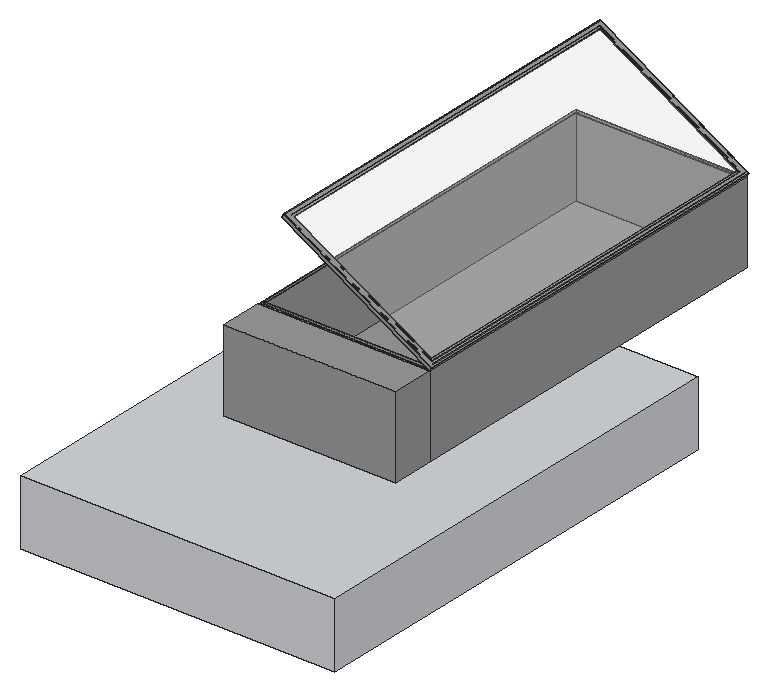
Revit family "Hager-Univers-IP55-D400-H2050-Cl.II-Steel_encl-NoHosted-CH-de", category Equipement électrique, Revit 2020
Family settings
  Hôte = Face
  Configuration du panneau = Deux colonnes, circuits au sein
  Cote de connecteur circulaire = Utiliser le diamètre
  Type d'élément = Tableau de raccordement
  Couper avec des vides une fois chargée = Non
  Partagée = Non
  Point de calcul de pièce = Non
Parameters (values of type "Bodenaufstellung IP55 B800 H2050 T400  - FR23U2")
  Width Control [instance] = if([EF000008 - Breite] > Min Width, [EF000008 - Breite], Min Width)  # 800 mm
  Commentaires du type = [HG000003 - Bereich]  # "Univers"
  Thickness Door [instance] = if([EF009171 - Materialstärke Tür/Deckel] > 3 mm, 3 mm, [EF009171 - Materialstärke Tür/Deckel])  # 1.5 mm
  Seal Frame Offset [instance] = 17 mm  # constant formula
  Plinth Visibility [instance] = [HG000027 - Sockelhöhe] > 0 mm  # yes
  Model = ""
  Min Width [instance] = 100 mm  # constant formula
  Min Height [instance] = 100 mm  # constant formula
  Min Depth [instance] = (2 * [EF009170 - Materialstärke Gehäuse]) + 1 mm  # 4 mm
  Internal Frame Depth [instance] = (Door System Depth * 0.5)  # 9 mm
  Height Control [instance] = if([EF000040 - Höhe] > Min Height, [EF000040 - Höhe], Min Height)  # 2050 mm
  HG000027 - Sockelhöhe = 200 mm
  HG000026 - Stehend auf dem Boden = yes
  HG000024 - Höhe des unteren Teils = 800 mm
  HG000023 - Gehäuse mit doppeltem Querschnitt = no
  HG000016 - 3D-Türsichtbarkeit [instance] = yes
  HG000015 - Sichtbarkeit der Türöffnung [instance] = no
  HG000014 - Tür rechts [instance] = yes
  HG000013 - Tür links [instance] = not([HG000014 - Tür rechts])  # no
  HG000012 - Türschwenkwinkel [instance] = 30.00°
  HG000010 - Asymmetrische Türen = no
  HG000009 - Doppelflügeligen Tür = no
  HG000006 - Unterputz = no
  HG000004 - Herstellerreferenz = "FR23U2"
  HG000003 - Bereich = "Univers"
  HG000002 - Mit tür = yes
  Frame Offset Bottom [instance] = 10 mm  # constant formula
  Frame Offset [instance] = 15 mm  # constant formula
  EF015940 - Deckel mit Überdruckentlastung = no
  EF011959 - Schutzart (NEMA) = ""
  EF009554 - Anzahl der Öffnungen für Flanschplatten = 6
  Fabricant = "Hager"  # constant formula
  EF009212 - Ausführung Deckel = "EV000116 - geschlossen"
  EF009171 - Materialstärke Tür/Deckel = 1.5 mm
  EF009170 - Materialstärke Gehäuse = 1.5 mm
  EF008873 - Nennstrom (In) = 800 A
  EF007800 - Geeignet für Blitzschutz = no
  EF006306 - Mit Schloss = no
  EF006244 - Transparenter Deckel/Tür = yes
  EF005474 - Schutzart (IP) = "EV006420 - IP55"
  EF004464 - Art der Tür = "EV002646 - Einzel"
  EF004427 - Anzahl der Module = 432
  EF004293 - Schlagfestigkeit = "EV008784 - IK10"
  EF003532 - Geeignet für Außengebrauch = no
  EF002950 - Breite in Teilungseinheiten = 24
  EF001613 - Funktionserhalt = "EV000494 - ohne"
  EF001596 - Werkstoff des Gehäuses = "EV000179 - Stahl"
  EF001131 - Innentiefe = 400 mm
  EF001088 - Anbaumöglichkeit = yes
  EF000437 - Anzahl der Leitungseinführungen = 6
  EF000339 - Art der Abdeckung = "EV004216 - Tür"
  EF000266 - Anzahl der Reihen = 12
  EF000218 - Einbautiefe = 0 mm
  EF000118 - Mit Montageplatte = no
  EF000116 - RAL-Nummer = "7035"
  EF000049 - Tiefe = 400 mm
  EF000040 - Höhe = 2050 mm
  EF000008 - Breite = 800 mm
  EF000007 - Farbe = "EV000270 - grau"
  EF000003 - Montageart = "EV012274 - Bodenaufstellung"
  Door System Leaf Tolerance [instance] = 1.5 mm  # constant formula
  Door System Depth [instance] = 18 mm  # constant formula
  Door Height [instance] = Height Control - [HG000027 - Sockelhöhe]  # 1850 mm
  Depth Control [instance] = if([EF000049 - Tiefe] > Min Depth, [EF000049 - Tiefe], Min Depth)  # 400 mm
  Default Elevation = 0 mm
  Connector Offset [instance] = Height Control / 2  # 1025 mm
  Bottom Top Plate Trim [instance] = 1.5 mm  # constant formula
  Plinth height Ctrl [instance] = if([HG000027 - Sockelhöhe] > 0 mm, [HG000027 - Sockelhöhe], 12 mm)  # 200 mm
Types (11, lengths in mm): name | Width Control | HG000010 - Asymmetrische Türen | HG000009 - Doppelflügeligen Tür | HG000004 - Herstellerreferenz | EF009554 - Anzahl der Öffnungen für Flanschplatten | EF006244 - Transparenter Deckel/Tür | EF004464 - Art der Tür | EF004427 - Anzahl der Module | EF000437 - Anzahl der Leitungseinführungen | EF000008 - Breite
  Bodenaufstellung IP55 B1050 H2050 T400  - FR24H2 | 1050 | yes | yes | "FR24H2" | 8 | no | "EV003602 - Doppel" | 576 | 8 | 1050
  Bodenaufstellung IP55 B1050 H2050 T400  - FR24U2 | 1050 | yes | yes | "FR24U2" | 8 | yes | "EV003602 - Doppel" | 576 | 8 | 1050
  Bodenaufstellung IP55 B1300 H2050 T400  - FR25H2 | 1300 | yes | yes | "FR25H2" | 10 | no | "EV003602 - Doppel" | 720 | 10 | 1300
  Bodenaufstellung IP55 B1300 H2050 T400  - FR25U2 | 1300 | yes | yes | "FR25U2" | 10 | yes | "EV003602 - Doppel" | 720 | 10 | 1300
  Bodenaufstellung IP55 B1550 H2050 T400  - FR26H2 | 1550 | yes | yes | "FR26H2" | 12 | no | "EV003602 - Doppel" | 864 | 12 | 1550
  Bodenaufstellung IP55 B1550 H2050 T400  - FR26U2 | 1550 | yes | yes | "FR26U2" | 12 | yes | "EV003602 - Doppel" | 864 | 12 | 1550
  Bodenaufstellung IP55 B300 H2050 T400  - FR21H2 | 300 | no | no | "FR21H2" | 2 | no | "EV002646 - Einzel" | 144 | 2 | 300
  Bodenaufstellung IP55 B550 H2050 T400  - FR22H2 | 550 | no | no | "FR22H2" | 4 | no | "EV002646 - Einzel" | 288 | 4 | 550
  Bodenaufstellung IP55 B550 H2050 T400  - FR22U2 | 550 | no | no | "FR22U2" | 4 | yes | "EV002646 - Einzel" | 288 | 4 | 550
  Bodenaufstellung IP55 B800 H2050 T400  - FR23H2 | 800 | no | no | "FR23H2" | 6 | no | "EV002646 - Einzel" | 432 | 6 | 800
  Bodenaufstellung IP55 B800 H2050 T400  - FR23U2 | 800 | no | no | "FR23U2" | 6 | yes | "EV002646 - Einzel" | 432 | 6 | 800
Reference planes
  plane 1 "Center (Front/Back)": y = 0
  plane 2: z = 0
  plane 3 "Center (Left/Right)": x = 0
  plane 4: z = 400
  plane 5: y = 201.5
  plane 6: y = 1125
  plane 7: y = 200
  plane 8: y = 2050
  plane 9: z = 0
  plane 10: x = -385
  plane 11: x = 385
  plane 12: x = 383.5
  plane 13: x = -383.5
  plane 14: y = 2048.5
  plane 15: x = -383
  plane 16: x = -400
  plane 17: x = 383
  plane 18: x = 400
  plane 19: x = 398.5
  plane 20: x = -398.5
  plane 21: y = 211.5
  plane 22: y = 2050
  plane 23: y = 2033.5
  plane 24: z = 382
  plane 25: z = 1.5
  plane 26: z = 380.5
  plane 27: z = 398.5
Forms (mm)
  Extrusion 1, solid
    sketch origin (0, 0, 0) x (1, 0, 0) y (0, 1, 0)
      loop
        line (-702.964, 1305) -> (-702.964, -811.445) -> (766.763, -811.445) -> (766.763, 1305) -> (-702.964, 1305)
    from 0 to -304.8
  Extrusion 2, solid, material "Hager_Steel_RAL7035_Light_Grey", visible <- "Plinth Visibility", detail levels medium+fine
    sketch origin (0, 0, 0) x (1, 0, 0) y (0, 1, 0)
      loop
        line (-400, 0) -> (400, 0) -> (400, 200) -> (-400, 200) -> (-400, 0)
    from 0 to 382
  Extrusion 3, solid, material "Hager_Steel_RAL7035_Light_Grey", detail levels medium+fine
    sketch origin (0, 0, 0) x (1, 0, 0) y (0, 1, 0)
      loop
        line (-400, 200) -> (400, 200) -> (400, 2050) -> (-400, 2050) -> (-400, 200)
    from 0 to 382
  Extrusion 4, void
    sketch origin (0, 0, 0) x (1, 0, 0) y (0, 1, 0)
      loop
        line (-398.5, 201.5) -> (398.5, 201.5) -> (398.5, 2048.5) -> (-398.5, 2048.5) -> (-398.5, 201.5)
    from 1.5 to 380.5
  Extrusion 5, void
    sketch origin (-381.607, -4572, 382) x (0, -1, 0) y (-1, 0, 0)
      loop
        line (-4783.5, 1.893) -> (-6605.5, 1.893) -> (-6605.5, -765.107) -> (-4783.5, -765.107) -> (-4783.5, 1.893)
    from 0 to 1.5 <- "EF009170 - Materialstärke Gehäuse"
  Extrusion 6, solid, material "Hager_Steel_RAL7035_Light_Grey", detail levels fine
    sketch origin (0, 0, 382) x (1, 0, 0) y (0, 1, 0)
      loop
        line (-383.5, 2033.5) -> (-383.5, 211.5) -> (383.5, 211.5) -> (383.5, 2033.5) -> (-383.5, 2033.5)
      loop
        line (-385, 210) -> (385, 210) -> (385, 2035) -> (-385, 2035) -> (-385, 210)
    from 0 to 9 <- "Internal Frame Depth"
  Extrusion 7, solid, material "Hager_Steel_RAL7035_Light_Grey", detail levels coarse
    sketch origin (0, 0, 0) x (1, 0, 0) y (0, 1, 0)
      loop
        line (-400, 0) -> (400, 0) -> (400, 2050) -> (-400, 2050) -> (-400, 0)
    from 0 to 400
  Sweep 8, void
    path in 3D
      loop
        line (-400, 200, 0) -> (400, 200, 0) -> (400, 200, 382) -> (-400, 200, 382) -> (-400, 200, 0)
    profile origin (-400, 200, 191) x (-1, 0, 0) y (0, -1, 0)
      loop
        line (0, 0) -> (0, 1.5) -> (-1.5, 1.5)
        arc (-1.5, 1.5) -> (-1.061, 0.439) -> (0, 0) r 1.5
Cuts and joins
  Extrusion 4, Extrusion 5 cuts Extrusion 3
  Sweep 8 cuts Extrusion 2
Lines and regions (mm)
  Masking region 1
    outline origin (0, 0, 0) x (1, 0, 0) y (0, 0, 1)
      loop
        line (-400, 400) -> (-400, 0) -> (400, 0) -> (400, 400) -> (-400, 400)
  Masking region 2, detail levels medium+fine
    outline origin (0, 140, 0) x (0, 1, 0) y (0, 0, 1)
      loop
        line (60, 0) -> (1910, 0) -> (1910, 382) -> (60, 382) -> (60, 0)
  Masking region 3, not visible, detail levels medium+fine
    outline origin (0, 297.922, 0) x (0, 1, 0) y (0, 0, 1)
      loop
        line (838.578, 0) -> (878.578, 0) -> (878.578, 388.5)
        arc (878.578, 388.5) -> (875.649, 395.571) -> (868.578, 398.5) r 10
        line (868.578, 398.5) -> (838.578, 398.5) -> (838.578, 0)
  Masking region 4, detail levels coarse
    outline origin (0, 0, 180) x (0, 1, 0) y (0, 0, 1)
      loop
        line (0, -180) -> (2050, -180) -> (2050, 220) -> (0, 220) -> (0, -180)
  Masking region 5, visible <- "Plinth Visibility", detail levels medium+fine
    outline origin (0, 52.24, 12.345) x (0, 0, -1) y (0, 1, 0)
      loop
        line (10.845, 147.76) -> (-368.155, 147.76)
        arc (-368.155, 147.76) -> (-368.594, 146.699) -> (-369.655, 146.26) r 1.5
        line (-369.655, 146.26) -> (-369.655, -52.24) -> (12.345, -52.24) -> (12.345, 146.26)
        arc (12.345, 146.26) -> (11.285, 146.699) -> (10.845, 147.76) r 1.5
  Masking region 6, detail levels medium+fine
    outline origin (-381.607, -4572, 382) x (-1, 0, 0) y (0, -1, 0)
      loop
        line (18.393, -6622) -> (18.393, -4772) -> (-781.607, -4772) -> (-781.607, -6622) -> (18.393, -6622)
  Masking region 7, visible <- "Plinth Visibility", detail levels medium+fine
    outline origin (-381.607, -4727, 382) x (-1, 0, 0) y (0, -1, 0)
      loop
        arc (16.893, -4927) -> (17.332, -4925.939) -> (18.393, -4925.5) r 1.5
        line (18.393, -4925.5) -> (18.393, -4727) -> (-781.607, -4727) -> (-781.607, -4925.5)
        arc (-781.607, -4925.5) -> (-780.546, -4925.939) -> (-780.107, -4927) r 1.5
        line (-780.107, -4927) -> (16.893, -4927)
  Masking region 8, detail levels coarse
    outline origin (-442.548, -4669.526, 382) x (-1, 0, 0) y (0, -1, 0)
      loop
        line (-42.548, -6719.526) -> (-42.548, -4669.526) -> (-842.548, -4669.526) -> (-842.548, -6719.526) -> (-42.548, -6719.526)
  sketch lines
    curve 1: line (-400, 200, 382) -> (-400, 200, 0)
    curve 2: line (400, 200, 382) -> (-400, 200, 382)
    curve 3: line (400, 200, 382) -> (400, 200, 0)
    curve 4: line (-400, 200, 0) -> (400, 200, 0)
Dimensions and locks
  "Depth Control": plane 4 to Extrusion 1
  "HG000027 - Sockelhöhe": plane 1 "Center (Front/Back)" to plane 7
  "EF009170 - Materialstärke Gehäuse": plane 5 to plane 7
  locked: connector elem to plane 3 "Center (Left/Right)"
  equal spacing: plane 8, plane 6, plane 7
  locked: connector elem to plane 6
  "EF009170 - Materialstärke Gehäuse": plane 8 to plane 14
  "EF009170 - Materialstärke Gehäuse": plane 10 to plane 13
  "EF009170 - Materialstärke Gehäuse": plane 12 to plane 11
  "Frame Offset": plane 20 to plane 13
  "Frame Offset": plane 12 to plane 19
  "EF009170 - Materialstärke Gehäuse": plane 16 to plane 20
  "EF009170 - Materialstärke Gehäuse": plane 19 to plane 18
  "Seal Frame Offset": plane 16 to plane 15
  "Seal Frame Offset": plane 17 to plane 18
  "Frame Offset Bottom": plane 21 to plane 5
  "Frame Offset": plane 14 to plane 23
  equal spacing: plane 16, plane 3 "Center (Left/Right)", plane 18
  "Width Control": plane 16 to plane 18
  "EF009170 - Materialstärke Gehäuse": plane 4 to plane 27
  "EF009170 - Materialstärke Gehäuse": plane 24 to plane 26
  "EF009170 - Materialstärke Gehäuse": plane 25 to level
  "Door System Depth": plane 4 to plane 24
  "Height Control": plane 1 "Center (Front/Back)" to Extrusion 7 sketch curve
  "Height Control": Masking region 4 sketch curve to plane 1 "Center (Front/Back)"
  "Height Control": plane 1 "Center (Front/Back)" to plane 22
  "Bottom Top Plate Trim": profile plane to Sweep 8 sketch curve
  "Bottom Top Plate Trim": Sweep 8 sketch curve to profile plane
  "Plinth height Ctrl": plane 1 "Center (Front/Back)" to Extrusion 2 sketch curve
  "Plinth height Ctrl": Masking region 5 sketch curve to plane 1 "Center (Front/Back)"
  "Plinth height Ctrl": plane 1 "Center (Front/Back)" to Masking region 7 sketch curve
  "Thickness Door": Extrusion 6 sketch curve to Extrusion 6 sketch curve  (x3)
  "Thickness Door": cut or joined group of Extrusion 3, Extrusion 4, Extrusion 5 to Extrusion 6 sketch curve
  radius of Masking region 3 sketch curve = 10 mm
  "Bottom Top Plate Trim": radius of Masking region 5 sketch curve  (x2)
  "Bottom Top Plate Trim": radius of Sweep 8 sketch curve
  "Bottom Top Plate Trim": radius of Masking region 7 sketch curve  (x2)
  aligned and locked: plane 2 to Extrusion 1
  aligned and locked: level to Extrusion 1
  aligned and locked: level to Masking region 1 sketch curve
  aligned and locked: Masking region 1 sketch curve to plane 18
  aligned and locked: Masking region 1 sketch curve to plane 16
  aligned and locked: plane 7 to Masking region 2 sketch curve
  aligned and locked: level to Masking region 3 sketch curve
  aligned and locked: Masking region 3 sketch curve to plane 27
  aligned and locked: level to Masking region 2 sketch curve
  aligned and locked: plane 1 "Center (Front/Back)" to Extrusion 2 sketch curve
  aligned and locked: Extrusion 3 sketch curve to plane 7
  aligned and locked: plane 16 to Extrusion 3 sketch curve
  aligned and locked: plane 18 to Extrusion 3 sketch curve
  aligned and locked: plane 20 to Extrusion 4 sketch curve
  aligned and locked: plane 19 to Extrusion 4 sketch curve
  aligned and locked: Extrusion 4 sketch curve to plane 5
  aligned and locked: Extrusion 4 to plane 25
  aligned and locked: plane 26 to Extrusion 4
  aligned and locked: plane 24 to Extrusion 3
  aligned and locked: Extrusion 5 sketch curve to plane 21
  aligned and locked: Extrusion 5 sketch curve to plane 13
  aligned and locked: Extrusion 5 sketch curve to plane 12
  aligned and locked: plane 18 to Extrusion 7 sketch curve
  aligned and locked: plane 1 "Center (Front/Back)" to Extrusion 7 sketch curve
  aligned and locked: plane 16 to Extrusion 7 sketch curve
  aligned and locked: plane 4 to Extrusion 7
  aligned and locked: Extrusion 7 to level
  aligned and locked: level to Masking region 4 sketch curve
  aligned and locked: Masking region 4 sketch curve to plane 1 "Center (Front/Back)"
  aligned and locked: Masking region 4 sketch curve to plane 4
  aligned and locked: nested 1 to level
  aligned and locked: nested 1 to plane 16
  aligned and locked: plane 8 to Extrusion 3 sketch curve
  aligned and locked: plane 23 to Extrusion 5 sketch curve
  aligned and locked: plane 14 to Extrusion 4 sketch curve
  aligned and locked: Masking region 2 sketch curve to plane 8
  aligned and locked: level to Masking region 5 sketch curve
  aligned and locked: plane 16 to Extrusion 2 sketch curve
  aligned and locked: plane 18 to Extrusion 2 sketch curve
  aligned and locked: Masking region 5 sketch curve to plane 24
  aligned and locked: Masking region 2 sketch curve to plane 24
  aligned and locked: plane 24 to Extrusion 2
  aligned and locked: profile plane to Sweep 8 sketch curve  (x2)
  aligned and locked: Masking region 6 sketch curve to plane 18
  aligned and locked: Masking region 6 sketch curve to plane 22
  aligned and locked: Masking region 6 sketch curve to plane 16
  aligned and locked: plane 8 to plane 22
  aligned and locked: Masking region 6 sketch curve to plane 7
  aligned and locked: Masking region 7 sketch curve to plane 16
  aligned and locked: Masking region 7 sketch curve to plane 1 "Center (Front/Back)"
  aligned and locked: Masking region 7 sketch curve to plane 18
  aligned and locked: Masking region 8 sketch curve to plane 1 "Center (Front/Back)"
  aligned and locked: Masking region 8 sketch curve to plane 18
  aligned and locked: Masking region 8 sketch curve to plane 22
  aligned and locked: Masking region 8 sketch curve to plane 16
  aligned and locked: nested 2 to plane 7
  aligned and locked: plane 3 "Center (Left/Right)" to nested 2
  aligned and locked: nested 2 to plane 24
  aligned and locked: Extrusion 6 sketch curve to cut or joined group of Extrusion 3, Extrusion 4, Extrusion 5  (x4)
Automatic sketch dimensions
  Extrusion 1 sketch curve to Extrusion 1 sketch curve = 1469.727 mm
  Extrusion 1 sketch curve to Extrusion 1 sketch curve = 2116.445 mm
  Masking region 1 sketch curve to plane 4 = 0 mm
  plane 6 to Masking region 3 sketch curve = 11.5 mm
  Masking region 3 sketch curve to Masking region 3 sketch curve = 30 mm
  Masking region 5 sketch curve to plane 1 "Center (Front/Back)" = 0 mm
Nested families
  nested 1: "Hager_Enclosure_Symbol" at (-400, 0, 0) x (1, 0, 0) z (0, -1, 0), Height <- "Depth Control", Width <- "Width Control", type "Hager_Enclosure_Symbol"
    with Width_Ctrl 800 mm, Width 800 mm, Height_Ctrl 400 mm, Height 400 mm, A_Width_Int 26.25 mm, A_Width 315 mm, A_Height_Ctrl 350 mm, A_Height 350 mm
  nested 2: "EC000058_Univers_Door" at (0, 200, 382) x (1, 0, 0) z (0, 1, 0), Leaf_Tolerance <- "Door System Leaf Tolerance", Angle <- "HG000012 - Türschwenkwinkel", Door_Depth <- "Door System Depth", Door_Left <- "HG000013 - Tür links", Transparent <- "EF006244 - Transparenter Deckel/Tür", Assymetrical <- "HG000010 - Asymmetrische Türen", Width <- "Width Control", Clearance <- "HG000015 - Sichtbarkeit der Türöffnung", Double <- "HG000009 - Doppelflügeligen Tür", 3d_Door <- "HG000016 - 3D-Türsichtbarkeit", Lock_Visibility <- "EF006306 - Mit Schloss", Width_Ctrl <- "Width Control", Door_Right <- "HG000014 - Tür rechts", Door <- "HG000002 - Mit tür", Height <- "Door Height", Thickness <- "Thickness Door", type "EC000058_Univers_Door", detail levels medium+fine
    with min_wh 4 mm, Width_Ctrl 800 mm, Width 800 mm, Transparent yes, Thickness 1.5 mm, Seal_Material Hager_Rubber, Lock_Visibility no, Lock_Material Hager_Plastic_RAL9005_Jet_Black, Leaf_Width 800 mm, Leaf_Tolerance_External_Sides 0 mm, Leaf_Tolerance 1.5 mm, Leaf_Offset 0 mm, Leaf_Height 1847 mm, Leaf_2_Width 800 mm, Leaf_2_Offset 400 mm, Leaf_1_Width 800 mm, Leaf_1_Offset 400 mm, Height_Ctrl 1850 mm, Height 1850 mm, Glass_Material Hager_Glass, Double_Clearance_Ctrl no, Double no, Door_Right_Ctrl yes, Door_Right yes, Door_Material Hager_Steel_RAL7035_Light_Grey, Door_Left_Ctrl no, Door_Left no, Door_Depth 18 mm, Door yes, Clearance_Material Hager_Clearance, Clearance_Depth 800 mm, Clearance_Ctrl no, Clearance no, Assymetrical no, Angle 30.00°, 3d_Door yes
Connectors
  electrical at (0, 1125, 0)
    settings: on plane 9, index 1, voltage 0 V, apparent load 0 VA, apparent load phase1 0 VA, apparent load phase2 0 VA, apparent load phase3 0 VA, power factor 1, load classification "Other", number of poles 1, system type 30, power factor state 1, is connector primary yes, connector utility no, sub classification motor no, connector description ""
Definition of nested family "EC000058_Univers_Door"
  Parameters (values of type "EC000058_Univers_Door")
    min_wh [instance] = (2 * Thickness) + 1 mm  # 11 mm
    Width_Ctrl [instance] = 400 mm
    Width [instance] = 500 mm
    Transparent [instance] = yes
    Thickness [instance] = 5 mm
    Seal_Material [instance] = none
    Lock_Visibility [instance] = yes
    Lock_Material [instance] = none
    Leaf_Width [instance] = if((Width_Ctrl - 2 * Leaf_Tolerance_External_Sides) > 0 mm, (Width_Ctrl - 2 * Leaf_Tolerance_External_Sides), min_wh)  # 400 mm
    Leaf_Tolerance_External_Sides [instance] = 0 mm  # constant formula
    Leaf_Tolerance [instance] = 1.5 mm
    Leaf_Offset [instance] = 0 mm  # constant formula
    Leaf_Height [instance] = if((Height_Ctrl - 2 * Leaf_Tolerance) > 0 mm, (Height_Ctrl - 2 * Leaf_Tolerance), min_wh)  # 497 mm
    Leaf_2_Width [instance] = if(and(and(Double, Assymetrical), Door_Left), (Leaf_Width / 3) - (Leaf_Tolerance / 2), if(and(and(Double, Assymetrical), Door_Right), (Leaf_Width / 3) * 2 - (Leaf_Tolerance / 2), if(and(Double, not(Assymetrical)), (Leaf_Width / 2) - Leaf_Tolerance, Leaf_Width)))  # 400 mm
    Leaf_2_Offset [instance] = if(and(Double, Assymetrical), Leaf_2_Width / 2, if(and(Double, not(Assymetrical)), Leaf_Width / 4, Leaf_Width / 2))  # 200 mm
    Leaf_1_Width [instance] = if(and(and(Double, Assymetrical), Door_Right), (Leaf_Width / 3) - (Leaf_Tolerance / 2), if(and(and(Double, Assymetrical), Door_Left), (Width / 3) * 2 - (Leaf_Tolerance / 2), if(and(Double, not(Assymetrical)), (Leaf_Width / 2) - Leaf_Tolerance, Leaf_Width)))  # 400 mm
    Leaf_1_Offset [instance] = if(and(Double, Assymetrical), Leaf_1_Width / 2, if(and(Double, not(Assymetrical)), Leaf_Width / 4, Leaf_Width / 2))  # 200 mm
    Height_Ctrl [instance] = if(Height > min_wh, Height, min_wh)  # 500 mm
    Height [instance] = 500 mm
    Glass_Material [instance] = none
    Double_Clearance_Ctrl [instance] = and(Double, Clearance)  # no
    Double [instance] = no
    Door_Right_Ctrl [instance] = and(or(Door_Right, Double), Door)  # yes
    Door_Right [instance] = yes
    Door_Material [instance] = none
    Door_Left_Ctrl [instance] = and(or(Door_Left, Double), Door)  # no
    Door_Left [instance] = no
    Door_Depth [instance] = 30 mm
    Door [instance] = yes
    Default Elevation = 1219.2 mm
    Clearance_Material [instance] = none
    Clearance_Depth [instance] = if(Leaf_1_Width > Leaf_2_Width, Leaf_1_Width, Leaf_2_Width)  # 400 mm
    Clearance_Ctrl [instance] = and(not(Double), Clearance)  # yes
    Clearance [instance] = yes
    Assymetrical [instance] = yes
    Angle [instance] = 30.00°
    3d_Door [instance] = yes
  Reference planes
    plane 1 "Center (Front/Back)": y = 0
    plane 2 "Bottom": z = 0
    plane 3 "Center (Left/Right)": x = 0
    plane 4: z = 500
    plane 5: x = -200
    plane 6: x = 200
    plane 7: z = 500
    plane 8: x = -200
    plane 9: z = 0
    plane 10: x = 200
    plane 11: y = 0
    plane 12: z = 1.5
    plane 13: x = -600
    plane 14: y = -400
    plane 15: x = 600
    plane 16: x = 0
    plane 17: x = 0
    plane 18: x = -200
    plane 19: x = 200
    plane 20: z = 498.5
  Forms (mm)
    Extrusion 1, solid, material <- "Clearance_Material", visible <- "Double_Clearance_Ctrl"
      sketch origin (1200, 0, 0) x (1, 0, 0) y (0, 0, -1)
        loop
          line (-1800, -498.5) -> (-600, -498.5) -> (-600, 0) -> (-1800, 0) -> (-1800, -498.5)
      from 0 to -400
  Dimensions and locks
    equal spacing: plane 5, plane 3 "Center (Left/Right)", plane 6
    "Width_Ctrl": plane 5 to plane 6
    "Leaf_Offset": plane 5 to plane 8
    "Leaf_Offset": plane 6 to plane 10
    "Leaf_Offset": plane 9 to level
    "Leaf_Offset": plane 4 to plane 7
    "Height_Ctrl": plane 4 to level
    "Leaf_Tolerance": plane 12 to plane 9
    locked: plane 11 to plane 1 "Center (Front/Back)"
    "Leaf_1_Offset": plane 18 to plane 16
    "Leaf_2_Offset": plane 17 to plane 19
    "Leaf_1_Width": plane 13 to plane 8
    "Leaf_2_Width": plane 10 to plane 15
    "Clearance_Depth": plane 14 to plane 1 "Center (Front/Back)"
    "Leaf_Tolerance_External_Sides": plane 8 to plane 18
    "Leaf_Tolerance_External_Sides": plane 19 to plane 10
    "Leaf_Tolerance": plane 7 to plane 20
    aligned and locked: level to plane 2 "Bottom"
    aligned and locked: nested 1 to plane 16
    aligned and locked: nested 2 to plane 17
    aligned and locked: Extrusion 1 to plane 13
    aligned and locked: plane 15 to Extrusion 1
    aligned and locked: Extrusion 1 to plane 14
    aligned and locked: plane 12 to nested 1
    aligned and locked: nested 2 to plane 12
    aligned and locked: Extrusion 1 to plane 11
    aligned and locked: plane 20 to Extrusion 1
    aligned and locked: nested 2 to plane 11
    aligned and locked: nested 1 to plane 11
  Automatic sketch dimensions
    Extrusion 1 sketch curve to level = 0 mm
    plane 5 to Extrusion 1 sketch curve = 400 mm
    plane 6 to Extrusion 1 sketch curve = 400 mm
    Extrusion 1 sketch curve to plane 4 = 1.5 mm
  Nested families
    nested 1: "EC000058_Univers_Door_Leaf" at (0, 0, 1.5), Width <- "Leaf_1_Width", visible <- "Door_Left_Ctrl", Leaf_Height <- "Leaf_Height", Angle <- "Angle", 3d_Door <- "3d_Door", Transparent <- "Transparent", Clearance Material <- "Clearance_Material", Clearance <- "Clearance_Ctrl", Door_Material <- "Door_Material", Glass_Material <- "Glass_Material", Door_Depth <- "Door_Depth", Lock_Material <- "Lock_Material", Seal_Material <- "Seal_Material", Lock_Visibility <- "Lock_Visibility", Thickness <- "Thickness", type "EC000058_Univers_Door_Leaf"
      with Width 400 mm, Transparent_Glass_Offset 30 mm, Transparent_Ctrl yes, Transparent yes, Thickness 5 mm, Standard no, Seal_Material none, Seal_D2 8 mm, Seal_D1 1 mm, Offset_Internal_Frame 10 mm, Lock_Width 20 mm, Lock_Visibility_3d yes, Lock_Visibility yes, Lock_Thickness_3 3 mm, Lock_Thickness_2 1 mm, Lock_Thickness_1 3 mm, Lock_Radius_Offset_2 16 mm, Lock_Radius_Offset_1 15 mm, Lock_Radius_2 5 mm, Lock_Radius 6 mm, Lock_Offset 5 mm, Lock_Material none, Lock_Height 80 mm, Lock_Cover_Top_Offset_2d 17 mm, Lock_Cover_Height -65 mm, Leaf_Height 497 mm, Internal_Seal_Thickness 8 mm, Internal_Seal_Depth_2 4.5 mm, Internal_Frame_Depth 25 mm, Glass_Thickness -1 mm, Glass_Offset -2 mm, Glass_Material none, Door_Material none, Door_Depth 30 mm, Clearance Material none, Clearance yes, Angle_Ctrl 30.00°, Angle 30.00°, 3d_Door yes
    nested 2: "EC000058_Univers_Door_Leaf" at (0, 0, 1.5) x (-1, 0, 0) z (0, 0, 1), Width <- "Leaf_2_Width", visible <- "Door_Right_Ctrl", Leaf_Height <- "Leaf_Height", Angle <- "Angle", 3d_Door <- "3d_Door", Transparent <- "Transparent", Clearance Material <- "Clearance_Material", Clearance <- "Clearance_Ctrl", Door_Material <- "Door_Material", Glass_Material <- "Glass_Material", Door_Depth <- "Door_Depth", Lock_Material <- "Lock_Material", Seal_Material <- "Seal_Material", Lock_Visibility <- "Lock_Visibility", Thickness <- "Thickness", type "EC000058_Univers_Door_Leaf"
      with Width 400 mm, Transparent_Glass_Offset 30 mm, Transparent_Ctrl yes, Transparent yes, Thickness 5 mm, Standard no, Seal_Material none, Seal_D2 8 mm, Seal_D1 1 mm, Offset_Internal_Frame 10 mm, Lock_Width 20 mm, Lock_Visibility_3d yes, Lock_Visibility yes, Lock_Thickness_3 3 mm, Lock_Thickness_2 1 mm, Lock_Thickness_1 3 mm, Lock_Radius_Offset_2 16 mm, Lock_Radius_Offset_1 15 mm, Lock_Radius_2 5 mm, Lock_Radius 6 mm, Lock_Offset 5 mm, Lock_Material none, Lock_Height 80 mm, Lock_Cover_Top_Offset_2d 17 mm, Lock_Cover_Height -65 mm, Leaf_Height 497 mm, Internal_Seal_Thickness 8 mm, Internal_Seal_Depth_2 4.5 mm, Internal_Frame_Depth 25 mm, Glass_Thickness -1 mm, Glass_Offset -2 mm, Glass_Material none, Door_Material none, Door_Depth 30 mm, Clearance Material none, Clearance yes, Angle_Ctrl 30.00°, Angle 30.00°, 3d_Door yes
  Definition of nested family "EC000058_Univers_Door_Leaf"
    Parameters (values of type "EC000058_Univers_Door_Leaf")
      Width [instance] = 2000 mm
      Transparent_Glass_Offset [instance] = 30 mm
      Transparent_Ctrl [instance] = and(Transparent, [3d_Door])  # yes
      Transparent [instance] = yes
      Thickness [instance] = 5 mm
      Standard [instance] = and(not(Transparent), [3d_Door])  # no
      Seal_Material [instance] = none
      Seal_D2 [instance] = 8 mm  # constant formula
      Seal_D1 [instance] = 1 mm  # constant formula
      Offset_Internal_Frame [instance] = 10 mm  # constant formula
      Lock_Width [instance] = 20 mm  # constant formula
      Lock_Visibility_3d [instance] = and(Lock_Visibility, [3d_Door])  # yes
      Lock_Visibility [instance] = yes
      Lock_Thickness_3 [instance] = 3 mm  # constant formula
      Lock_Thickness_2 [instance] = 1 mm  # constant formula
      Lock_Thickness_1 [instance] = 3 mm  # constant formula
      Lock_Radius_Offset_2 [instance] = Lock_Radius_Offset_1 + 1 mm  # 16 mm
      Lock_Radius_Offset_1 [instance] = 15 mm  # constant formula
      Lock_Radius_2 [instance] = Lock_Radius - 1 mm  # 5 mm
      Lock_Radius [instance] = 6 mm  # constant formula
      Lock_Offset [instance] = 5 mm  # constant formula
      Lock_Material [instance] = none
      Lock_Height [instance] = 80 mm  # constant formula
      Lock_Cover_Top_Offset_2d [instance] = Lock_Radius_Offset_2 + 1 mm  # 17 mm
      Lock_Cover_Height [instance] = -(Lock_Height - Lock_Radius_Offset_1)  # -65 mm
      Leaf_Height [instance] = 2720.336 mm
      Internal_Seal_Thickness [instance] = 8 mm  # constant formula
      Internal_Seal_Depth_2 [instance] = 4.5 mm  # constant formula
      Internal_Frame_Depth [instance] = if(Door_Depth - Thickness > 5 mm, Door_Depth - Thickness, 5 mm)  # 25 mm
      Glass_Thickness [instance] = if(Thickness > 15 mm, Glass_Offset + 10 mm, -1 mm)  # -1 mm
      Glass_Offset [instance] = if(Thickness > 15 mm, -(Thickness + 10 mm) / 2, -2 mm)  # -2 mm
      Glass_Material [instance] = none
      Door_Material [instance] = none
      Door_Depth [instance] = 30 mm
      Default Elevation = 0 mm
      Clearance Material [instance] = none
      Clearance [instance] = yes
      Angle_Ctrl [instance] = if(Angle > 180.00°, 180.00°, Angle)  # 90.00°
      Angle [instance] = 90.00°
      3d_Door [instance] = yes
    Reference planes
      plane 1 "Center (Front/Back)": y = 0
      plane 2: z = 0
      plane 3 "Center (Left/Right)": x = 0
      plane 4: y = 2000
      plane 5: x = -1000
      plane 6: x = 1000
      plane 7: x = -3000
      plane 8: z = 2720.336
      plane 9: z = 30
      plane 10: z = 2690.336
      plane 11: x = 970
      plane 12: x = -970
      plane 13: y = -3
      plane 14: z = 107.833
      plane 15: y = -5
      plane 16: y = -223.314
      plane 17: x = -1000
      plane 18: z = 1360.168
      plane 19: y = 30
    Forms (mm)
      Extrusion 1, solid, material <- "Clearance Material", visible <- "Clearance"
        sketch origin (0, 0, 0) x (1, 0, 0) y (0, 0, 1)
          loop
            line (-3000, 2720.336) -> (-3000, 0) -> (1000, 0) -> (1000, 2720.336) -> (-3000, 2720.336)
        from 0 to -2000
      Extrusion 2, solid, material <- "Door_Material", visible <- "Standard", detail levels medium+fine
        sketch origin (-1000, 0, 0) x (0, 1, 0) y (-1, 0, 0)
          loop
            line (0, 30) -> (0, 25) -> (2000, 25) -> (2000, 30) -> (0, 30)
        from 0 to 2720.336 <- "Leaf_Height"
      Extrusion 3, solid, material <- "Door_Material", visible <- "Transparent_Ctrl", detail levels medium+fine
        sketch origin (-1000, 0, 0) x (0, 1, 0) y (-1, 0, 0)
          loop
            line (0, 25) -> (2000, 25) -> (2000, 30) -> (0, 30) -> (0, 25)
        from 0 to 2720.336 <- "Leaf_Height"
      Extrusion 4, void
        sketch origin (-1025, 2000, 0) x (0, 1, 0) y (0, 0, -1)
          loop
            line (-30, -2690.336) -> (-30, -30) -> (-1970, -30) -> (-1970, -2690.336) -> (-30, -2690.336)
        from 0 to 5 <- "Thickness"
      Sweep 5, solid, material <- "Seal_Material", visible <- "Transparent_Ctrl", detail levels fine
        path in 3D
          loop
            line (-1025, 30, 30) -> (-1025, 30, 2690.336) -> (-1025, 1970, 2690.336) -> (-1025, 1970, 30) -> (-1025, 30, 30)
        profile origin (-1025, 1000, 30) x (1, 0, 0) y (0, 0, 1)
          loop
            line (0, 0) -> (0, -8) -> (1, -8) -> (1, 0) -> (0, 0)
      Extrusion 6, solid, material <- "Glass_Material", visible <- "Transparent_Ctrl", detail levels medium+fine
        sketch origin (-1030, 0, 0) x (0, 1, 0) y (0, 0, -1)
          loop
            line (1970, -2690.336) -> (1970, -30) -> (30, -30) -> (30, -2690.336) -> (1970, -2690.336)
        from -2 <- "Glass_Offset" to -1 <- "Glass_Thickness"
      Extrusion 7, solid, material <- "Door_Material", visible <- "3d_Door", detail levels medium+fine
        sketch origin (-1025, 2000, 0) x (0, -1, 0) y (0, 0, -1)
          loop
            line (0, -2720.336) -> (2000, -2720.336) -> (2000, 0) -> (0, 0) -> (0, -2720.336)
          loop
            line (1995, -5) -> (5, -5) -> (5, -2715.336) -> (1995, -2715.336) -> (1995, -5)
        from 0 to 25 <- "Internal_Frame_Depth"
      Sweep 8, solid, material <- "Seal_Material", visible <- "Transparent_Ctrl", detail levels fine
        path in 3D
          loop
            line (-1025, 0, 0) -> (-1025, 2000, 0) -> (-1025, 2000, 2720.336) -> (-1025, 0, 2720.336) -> (-1025, 0, 0)
        profile origin (-1025, 0, 1360.168) x (1, 0, 0) y (0, 1, 0)
          loop
            line (0, 10) -> (2.975, 10)
            arc (2.975, 10) -> (4.053, 10.447) -> (4.5, 11.525) r 1.525
            line (4.5, 11.525) -> (4.5, 16.527)
            arc (4.5, 16.527) -> (4.069, 17.569) -> (3.027, 18) r 1.473
            line (3.027, 18) -> (0, 18) -> (0, 10)
      Extrusion 9, solid, material <- "Lock_Material", visible <- "Lock_Visibility_3d", detail levels fine
        sketch origin (-1030, 0, 0) x (0, 1, 0) y (0, 0, -1)
          loop
            arc (1993.5, -1400.168) -> (1994.561, -1399.729) -> (1995, -1398.668) r 1.5
            line (1995, -1398.668) -> (1995, -1320.168) -> (1975, -1320.168) -> (1975, -1398.668)
            arc (1975, -1398.668) -> (1975.439, -1399.729) -> (1976.5, -1400.168) r 1.5
            line (1976.5, -1400.168) -> (1993.5, -1400.168)
        from 3 <- "Lock_Thickness_1" to 0
      Blend 10, solid, material <- "Lock_Material", visible <- "Lock_Visibility_3d", detail levels fine
        base sketch origin (-1033, 0, 0) x (0, 1, 0) y (0, 0, -1)
          loop
            line (1975, -1320.168) -> (1975, -1398.668)
            arc (1975, -1398.668) -> (1975.439, -1399.729) -> (1976.5, -1400.168) r 1.5
            line (1976.5, -1400.168) -> (1993.5, -1400.168)
            arc (1993.5, -1400.168) -> (1994.561, -1399.729) -> (1995, -1398.668) r 1.5
            line (1995, -1398.668) -> (1995, -1320.168) -> (1975, -1320.168)
        top sketch origin (-1033, 0, 0) x (0, 1, 0) y (0, 0, -1)
          loop
            line (1976, -1320.168) -> (1976, -1398.668)
            arc (1976, -1398.668) -> (1976.146, -1399.022) -> (1976.5, -1399.168) r 0.5
            line (1976.5, -1399.168) -> (1993.5, -1399.168)
            arc (1993.5, -1399.168) -> (1993.854, -1399.022) -> (1994, -1398.668) r 0.5
            line (1994, -1398.668) -> (1994, -1320.168) -> (1976, -1320.168)
        from 0 to 1 <- "Lock_Thickness_2"
      Blend 11, solid, material <- "Lock_Material", visible <- "Lock_Visibility_3d", detail levels fine
        base sketch origin (-1034, 0, 0) x (0, 1, 0) y (0, 0, -1)
          loop
            line (1978, -1320.168) -> (1978, -1384.168)
            arc (1978, -1384.168) -> (1985, -1391.168) -> (1992, -1384.168) r 7
            line (1992, -1384.168) -> (1992, -1320.168) -> (1978, -1320.168)
        top sketch origin (-1034, 0, 0) x (0, 1, 0) y (0, 0, -1)
          loop
            line (1991, -1320.168) -> (1979, -1320.168) -> (1979, -1383.168)
            arc (1979, -1383.168) -> (1985, -1389.168) -> (1991, -1383.168) r 6
            line (1991, -1383.168) -> (1991, -1320.168)
        from 0 to 3 <- "Lock_Thickness_3"
      Extrusion 12, solid, material <- "Lock_Material", visible <- "Lock_Visibility_3d", detail levels fine
        sketch origin (-1030, 1975, 1320.168) x (1, 0, 0) y (0, -1, 0)
          loop
            line (-7, -19) -> (-7, -1) -> (0, -1) -> (0, 0) -> (-8, 0) -> (-8, -20) -> (0, -20) -> (0, -19) -> (-7, -19)
        from 0 to -65 <- "Lock_Cover_Height"
      Extrusion 13, void
        sketch origin (-1038, 1995, 1320.168) x (-1, 0, 0) y (0, 0, -1)
          loop
            line (-5, -65) -> (0, -65) -> (-5, -60) -> (-5, -65)
        from 0 to 20 <- "Lock_Width"
      Extrusion 14, void
        sketch origin (-1038, 1975, 1320.168) x (0, -1, 0) y (0, 0, -1)
          loop
            circle (-10, -15.995) r 6
          loop
            circle (-10, -15.995) r 5
        from 0 to 2
      Extrusion 15, solid, material <- "Lock_Material", visible <- "Lock_Visibility_3d", detail levels medium
        sketch origin (-1030, 0, 0) x (0, 1, 0) y (0, 0, -1)
          loop
            arc (1993.5, -1400.168) -> (1994.561, -1399.729) -> (1995, -1398.668) r 1.5
            line (1995, -1398.668) -> (1995, -1320.168) -> (1975, -1320.168) -> (1975, -1398.668)
            arc (1975, -1398.668) -> (1975.439, -1399.729) -> (1976.5, -1400.168) r 1.5
            line (1976.5, -1400.168) -> (1993.5, -1400.168)
        from 8 to 0
    Cuts and joins
      Extrusion 4 cuts Extrusion 3
      Extrusion 13, Extrusion 14 cuts Extrusion 9
      Extrusion 14 cuts Blend 11
      Extrusion 13, Extrusion 14 cuts Extrusion 12
      joined: Extrusion 9, Blend 10, Blend 11, Extrusion 12
      Extrusion 14 cuts Extrusion 15
    Lines and regions (mm)
      Masking region 1, visible <- "Lock_Visibility", detail levels fine
        outline origin (0, 0, 0) x (0, 1, 0) y (0, 0, 1)
          loop
            line (30, 1320.168) -> (33, 1320.168) -> (33, 1400.168) -> (30, 1400.168) -> (30, 1320.168)
      Masking region 2, visible <- "Lock_Visibility", detail levels fine
        outline origin (0, 3.143, 0) x (0, 1, 0) y (0, 0, 1)
          loop
            line (29.857, 1354.168) -> (30.857, 1354.168) -> (30.857, 1366.168) -> (29.857, 1366.168) -> (29.857, 1354.168)
      Masking region 3, detail levels medium+fine
        outline origin (0, 0, 0) x (0, 1, 0) y (0, 0, 1)
          loop
            line (0, 0) -> (30, 0) -> (30, 2720.336) -> (0, 2720.336) -> (0, 0)
      Masking region 4, detail levels medium+fine
        outline origin (0, 0, 0) x (1, 0, 0) y (0, 0, 1)
          loop
            line (-1000, 2720.336) -> (-1000, 0) -> (1000, 0) -> (1000, 2720.336) -> (-1000, 2720.336)
      Masking region 5, visible <- "Lock_Visibility", detail levels fine
        outline origin (-47.116, 0, 0) x (1, 0, 0) y (0, 0, 1)
          loop
            arc (1024.616, 1399.168) -> (1023.556, 1398.729) -> (1023.116, 1397.668) r 1.5
            line (1023.116, 1397.668) -> (1023.116, 1320.168) -> (1041.116, 1320.168) -> (1041.116, 1397.668)
            arc (1041.116, 1397.668) -> (1040.677, 1398.729) -> (1039.616, 1399.168) r 1.5
            line (1039.616, 1399.168) -> (1024.616, 1399.168)
      Masking region 6, visible <- "Lock_Visibility", detail levels medium+fine
        outline origin (-25, 0, 0) x (1, 0, 0) y (0, 0, 1)
          loop
            arc (1001.5, 1400.168) -> (1000.439, 1399.729) -> (1000, 1398.668) r 1.5
            line (1000, 1398.668) -> (1000, 1320.168) -> (1020, 1320.168) -> (1020, 1398.668)
            arc (1020, 1398.668) -> (1019.561, 1399.729) -> (1018.5, 1400.168) r 1.5
            line (1018.5, 1400.168) -> (1001.5, 1400.168)
      Masking region 7, visible <- "Lock_Visibility", detail levels fine
        outline origin (-73.735, 0, 0) x (1, 0, 0) y (0, 0, 1)
          loop
            line (1051.735, 1382.168) -> (1065.735, 1382.168) -> (1065.735, 1384.168)
            arc (1065.735, 1384.168) -> (1058.735, 1391.168) -> (1051.735, 1384.168) r 7
            line (1051.735, 1384.168) -> (1051.735, 1382.168)
      Masking region 8, visible <- "Lock_Visibility", detail levels fine
        outline origin (-73.735, 0, 0) x (1, 0, 0) y (0, 0, 1)
          loop
            line (1052.735, 1382.168) -> (1064.735, 1382.168) -> (1064.735, 1383.168)
            arc (1064.735, 1383.168) -> (1058.735, 1389.168) -> (1052.735, 1383.168) r 6
            line (1052.735, 1383.168) -> (1052.735, 1382.168)
      Masking region 9, visible <- "Lock_Visibility", detail levels fine
        outline origin (-25, 0, 0) x (1, 0, 0) y (0, 0, 1)
          loop
            line (1020, 1320.168) -> (1020, 1382.168) -> (1000, 1382.168) -> (1000, 1320.168) -> (1020, 1320.168)
      Masking region 10, detail levels medium+fine
        outline origin (0, 0, 0) x (1, 0, 0) y (0, 0, 1)
          loop
            circle (985, 1335.144) r 6
      Masking region 11, detail levels fine
        outline origin (0, 0, 0) x (1, 0, 0) y (0, 0, 1)
          loop
            circle (985, 1335.144) r 5
      Masking region 12, visible <- "Lock_Visibility", detail levels fine
        outline origin (0, 12.767, 0) x (0, 1, 0) y (0, 0, 1)
          loop
            line (20.233, 1320.168) -> (21.233, 1320.168) -> (21.233, 1399.168) -> (20.233, 1400.168) -> (20.233, 1320.168)
      Masking region 13, visible <- "Lock_Visibility", detail levels fine
        outline origin (0, 13.767, -10) x (0, 1, 0) y (0, 0, 1)
          loop
            line (20.233, 1330.168) -> (23.233, 1330.168) -> (23.233, 1399.168) -> (20.233, 1402.168) -> (20.233, 1330.168)
      Masking region 14, visible <- "Lock_Visibility", detail levels fine
        outline origin (0, 12.767, -10) x (0, 1, 0) y (0, 0, 1)
          loop
            line (20.233, 1330.168) -> (25.233, 1330.168) -> (25.233, 1399.305) -> (20.233, 1394.305) -> (20.233, 1330.168)
      Masking region 15, visible <- "Lock_Visibility", detail levels medium
        outline origin (0, 0, 0) x (0, 1, 0) y (0, 0, 1)
          loop
            line (30, 1320.168) -> (38, 1320.168) -> (38, 1400.168) -> (30, 1400.168) -> (30, 1320.168)
      Masking region 16, visible <- "Lock_Visibility", detail levels fine
        outline origin (-1000, 0, 0) x (0, 1, 0) y (-1, 0, 0)
          loop
            line (1975, 30) -> (1995, 30) -> (1995, 38) -> (1975, 38) -> (1975, 30)
          loop
            line (1979, 37) -> (1976, 37) -> (1976, 34) -> (1978, 34) -> (1979, 37)
          loop
            line (1994, 37) -> (1991, 37) -> (1992, 34) -> (1994, 34) -> (1994, 37)
      Masking region 17, visible <- "Lock_Visibility", detail levels medium
        outline origin (-1000, 0, 0) x (0, 1, 0) y (-1, 0, 0)
          loop
            line (1975, 30) -> (1995, 30) -> (1995, 38) -> (1975, 38) -> (1975, 30)
      symbolic lines
        curve 1: line (1000, 0, 0) -> (-3000, 0, 0)
        curve 2: arc (1000, 0, 0) -> (-1000, 2000, 0) -> (-3000, 0, 0) r 2000
        curve 4: line (-1030, 0, 0) -> (-1030, 2000, 0)
      reference lines
        curve 3: line (-1000, 0, 0) -> (-1000, 2000, 0)
      symbolic lines, detail levels medium+fine
        curve 5: line (-1030, 2000, 0) -> (-1025, 2000, 0)
        curve 7: line (-1025, 0, 0) -> (-1030, 0, 0)
        curve 8: line (-1025, 0, 0) -> (-1000, 0, 0)
        curve 9: line (-1000, 0, 0) -> (-1000, 2000, 0)
        curve 10: line (-1000, 2000, 0) -> (-1025, 2000, 0)
      symbolic lines, detail levels fine
        curve 6: line (-1025, 2000, 0) -> (-1025, 0, 0)
      sketch lines
        curve 11: line (-1025, 0, 2720.336) -> (-1025, 0, 0)
        curve 12: line (-1025, 2000, 0) -> (-1025, 0, 0)
        curve 13: line (-1025, 2000, 2720.336) -> (-1025, 2000, 0)
        curve 14: line (-1025, 0, 2720.336) -> (-1025, 2000, 2720.336)
        curve 15: line (-1025, 1970, 30) -> (-1025, 30, 30)
        curve 16: line (-1025, 30, 30) -> (-1025, 30, 2690.336)
        curve 17: line (-1025, 1970, 2690.336) -> (-1025, 1970, 30)
        curve 18: line (-1025, 30, 2690.336) -> (-1025, 1970, 2690.336)
      symbolic lines, visible <- "Transparent", detail levels medium+fine
        curve 19: line (-970, 0, 2690.336) -> (970, 0, 2690.336)
        curve 20: line (-970, 0, 30) -> (-970, 0, 2690.336)
        curve 21: line (970, 0, 30) -> (-970, 0, 30)
        curve 22: line (970, 0, 2690.336) -> (970, 0, 30)
    Dimensions and locks
      "Width": plane 1 "Center (Front/Back)" to plane 4
      equal spacing: plane 5, plane 3 "Center (Left/Right)", plane 6
      "Width": plane 5 to plane 6
      "Width": plane 7 to plane 5
      "Leaf_Height": plane 8 to level
      "Width": curve 5 to curve 3
      "Width": curve 3 to curve 3
      plane 8 to plane 10 = 30 mm
      plane 9 to level = 30 mm
      plane 12 to plane 5 = 30 mm
      plane 6 to plane 11 = 30 mm
      Extrusion 1 to Extrusion 4 sketch curve = 30 mm
      "Transparent_Glass_Offset": curve 3 to Extrusion 4 sketch curve
      "Transparent_Glass_Offset": Extrusion 4 sketch curve to cut or joined group of Extrusion 3, Extrusion 4  (x2)
      cut or joined group of Extrusion 3, Extrusion 4 to Extrusion 6 sketch curve = 30 mm
      "Transparent_Glass_Offset": cut or joined group of Extrusion 3, Extrusion 4 to Extrusion 4 sketch curve
      "Thickness": curve 6 to curve 4
      "Thickness": Extrusion 7 sketch curve to Extrusion 7 sketch curve  (x4)
      "Door_Depth": curve 4 to curve 3
      "Offset_Internal_Frame": profile plane to Sweep 8 sketch curve
      "Internal_Seal_Thickness": Sweep 8 sketch curve to Sweep 8 sketch curve
      "Internal_Seal_Depth_2": profile plane to Sweep 8 sketch curve
      "Seal_D1": profile plane to Sweep 5 sketch curve
      "Seal_D2": profile plane to Sweep 5 sketch curve
      "Thickness": Extrusion 2 sketch curve to Extrusion 2 sketch curve
      equal spacing: Extrusion 9 sketch curve, plane 18, Extrusion 9 sketch curve  (x2)
      equal spacing: Masking region 1 sketch curve, plane 18, Masking region 1 sketch curve
      "Lock_Height": Masking region 1 sketch curve to Masking region 1 sketch curve
      "Lock_Radius": Masking region 2 sketch curve to plane 18 to Masking region 2 sketch curve
      Masking region 2 sketch curve to Masking region 1 = 1 mm
      "Door_Depth": plane 19 to plane 1 "Center (Front/Back)"
      "Lock_Thickness_1": Masking region 1 sketch curve to plane 19
      "Lock_Width": Extrusion 9 sketch curve to Extrusion 9 sketch curve
      "Lock_Height": Extrusion 9 sketch curve to Extrusion 9 sketch curve
      "Lock_Offset": cut or joined group of Extrusion 3, Extrusion 4 to Extrusion 9 sketch curve
      equal spacing: plane 8, plane 18, level
      "Lock_Radius_Offset_1": Blend 11 sketch curve to Blend 10
      locked: Blend 10 to Blend 11 sketch curve at 2  (x2)
      locked: var sketch to Blend 11 sketch curve at 1  (x2)
      "Lock_Radius_Offset_2": Blend 11 sketch curve to Blend 10
      locked: Extrusion 12 sketch curve to Extrusion 12 sketch curve at 1  (x3)
      Masking region 6 sketch curve to Masking region 6 sketch curve = 80 mm
      "Lock_Height": Masking region 6 sketch curve to Masking region 6 sketch curve
      "Lock_Width": Masking region 6 sketch curve to Masking region 6 sketch curve
      locked: Masking region 6 to Masking region 5 sketch curve at 1  (x3)
      locked: Masking region 5 to Masking region 7 sketch curve at 2  (x2)
      "Lock_Radius_Offset_1": Masking region 5 to Masking region 7 sketch curve
      "Lock_Radius_Offset_2": Masking region 5 to Masking region 8 sketch curve
      locked: Masking region 7 to Masking region 8 sketch curve at 1  (x2)
      "Lock_Cover_Top_Offset_2d": Masking region 5 to Masking region 9 sketch curve
      equal spacing: Masking region 9, Masking region 10 sketch curve, Masking region 9
      equal spacing: Masking region 9, Masking region 11 sketch curve, Masking region 9
      Extrusion 15 sketch curve to Extrusion 15 sketch curve = 80 mm
      "Lock_Width": Extrusion 15 sketch curve to Extrusion 15 sketch curve
      "Lock_Height": Extrusion 15 sketch curve to Extrusion 15 sketch curve
      equal spacing: Extrusion 15 sketch curve, plane 18, Extrusion 15 sketch curve
      "Lock_Thickness_3": Masking region 13 sketch curve to Masking region 13 sketch curve
      "Lock_Height": Masking region 12 sketch curve to Masking region 12 sketch curve
      locked: Masking region 13 sketch curve to Masking region 1 at 8
      locked: Masking region 14 sketch curve to Masking region 13 at 1
      locked: Masking region 14 sketch curve to Masking region 1 at 10.863
      "Lock_Height": Masking region 15 sketch curve to Masking region 15 sketch curve
      "Lock_Offset": Extrusion 15 sketch curve to cut or joined group of Extrusion 3, Extrusion 4
      "Lock_Offset": plane 6 to Masking region 6 sketch curve
      radius of Sweep 8 sketch curve = 1.525 mm
      radius of Sweep 8 sketch curve = 1.473 mm
      radius of Extrusion 9 sketch curve = 1.5 mm  (x2)
      "Lock_Radius": radius of Extrusion 14 sketch curve
      "Lock_Radius_2": radius of Extrusion 14 sketch curve
      "Lock_Radius": radius of Masking region 10 sketch curve
      "Lock_Radius_2": radius of Masking region 11 sketch curve
      radius of Extrusion 15 sketch curve = 1.5 mm  (x2)
      "Angle_Ctrl": angle plane 1 "Center (Front/Back)" to curve 3
      locked: Masking region 12 sketch curve to Masking region 12 sketch curve (angle 45.00°)
      locked: Masking region 13 sketch curve to Masking region 13 sketch curve (angle 45.00°)
      locked: Masking region 14 sketch curve to Masking region 14 sketch curve (angle 45.00°)
      aligned and locked: level to plane 2
      aligned and locked: Extrusion 1 to curve 1
      aligned and locked: plane 6 to Extrusion 1
      aligned and locked: Extrusion 1 to plane 1 "Center (Front/Back)"
      aligned and locked: plane 4 to Extrusion 1
      aligned and locked: plane 8 to Extrusion 1
      aligned and locked: curve 7 to Extrusion 2 sketch curve
      aligned and locked: curve 5 to Extrusion 2 sketch curve
      aligned and locked: curve 7 to Extrusion 3 sketch curve
      aligned and locked: Extrusion 3 sketch curve to curve 4
      aligned and locked: Extrusion 3 sketch curve to curve 6
      aligned and locked: Extrusion 3 sketch curve to curve 5
      aligned and locked: curve 9 to curve 3
      aligned and locked: Extrusion 7 sketch curve to cut or joined group of Extrusion 3, Extrusion 4  (x4)
      aligned and locked: plane 17 to curve 3
      aligned and locked: plane 1 "Center (Front/Back)" to curve 3
      aligned and locked: plane 17 to plane 5
      aligned and locked: Sweep 8 sketch curve to profile plane
      aligned and locked: Sweep 5 sketch curve to profile plane  (x2)
      aligned and locked: Masking region 1 to Masking region 2 sketch curve
      aligned and locked: plane 19 to Masking region 1 sketch curve
      aligned and locked: plane 1 "Center (Front/Back)" to Masking region 3 sketch curve
      aligned and locked: plane 19 to Masking region 3 sketch curve
      aligned and locked: level to Masking region 3 sketch curve
      aligned and locked: Masking region 3 sketch curve to plane 8
      aligned and locked: plane 17 to Masking region 4 sketch curve
      aligned and locked: level to Masking region 4 sketch curve
      aligned and locked: Masking region 4 sketch curve to plane 8
      aligned and locked: plane 12 to curve 20
      aligned and locked: plane 10 to curve 19
      aligned and locked: plane 11 to curve 22
      aligned and locked: curve 21 to plane 9
      aligned and locked: Extrusion 2 sketch curve to cut or joined group of Extrusion 3, Extrusion 4
      aligned and locked: Blend 10 sketch curve to Extrusion 9  (x4)
      aligned and locked: Extrusion 9 to Blend 10 sketch curve
      aligned and locked: Blend 10 to Blend 11 sketch curve
      aligned and locked: Extrusion 12 sketch curve to Blend 11
      aligned and locked: Extrusion 12 sketch curve to Extrusion 9  (x4)
      aligned and locked: Masking region 5 sketch curve to Masking region 6
      aligned and locked: Masking region 9 sketch curve to Masking region 6  (x3)
      aligned and locked: Masking region 12 sketch curve to Masking region 1
      aligned and locked: Masking region 13 sketch curve to Masking region 1
      aligned and locked: Masking region 12 to Masking region 14
      aligned and locked: Masking region 14 sketch curve to Masking region 1
      aligned and locked: Masking region 15 sketch curve to Masking region 14
      aligned and locked: Masking region 13 sketch curve to Masking region 12
      aligned and locked: Masking region 16 sketch curve to cut or joined group of Extrusion 14, Extrusion 15  (x4)
      aligned and locked: Masking region 16 sketch curve to cut or joined group of Extrusion 9, Blend 10, Blend 11, Extrusion 12, Extrusion 13, Extrusion 14  (x6)
      aligned and locked: cut or joined group of Extrusion 9, Blend 10, Blend 11, Extrusion 12, Extrusion 13, Extrusion 14 to Masking region 16 sketch curve
      aligned and locked: Masking region 17 sketch curve to cut or joined group of Extrusion 14, Extrusion 15  (x3)
      aligned and locked: Masking region 17 sketch curve to cut or joined group of Extrusion 9, Blend 10, Blend 11, Extrusion 12, Extrusion 13, Extrusion 14
      aligned and locked: Masking region 9 to Masking region 8 sketch curve
      aligned and locked: Masking region 9 to Masking region 7 sketch curve
    Automatic sketch dimensions
      plane 1 "Center (Front/Back)" to curve 2 = 0 mm
      curve 2 to plane 5 = 0 mm
      Extrusion 1 sketch curve to level = 0 mm
      Extrusion 1 sketch curve to plane 7 = 0 mm
      Extrusion 1 sketch curve to plane 6 = 0 mm
      Extrusion 1 sketch curve to plane 8 = 0 mm
      Extrusion 3 to Extrusion 6 sketch curve = 30 mm  (x4)
      Masking region 4 sketch curve to plane 6 = 0 mm
      Blend 10 sketch curve to Extrusion 9 = 1.5 mm
      Blend 10 sketch curve to Extrusion 9 = 1 mm
      Extrusion 13 sketch curve to Extrusion 12 = 0 mm  (x2)
      Extrusion 12 to Extrusion 13 sketch curve = 3 mm
      Extrusion 13 sketch curve to Extrusion 12 = 5 mm
      Extrusion 14 sketch curve to Extrusion 14 sketch curve = 0 mm  (x2)
      Extrusion 14 sketch curve to Extrusion 12 = 10 mm
      Extrusion 14 sketch curve to Extrusion 12 = 15.995 mm
      Masking region 5 sketch curve to Masking region 5 sketch curve = 1.5 mm  (x2)
      Masking region 10 sketch curve to plane 18 = 25.024 mm
      Masking region 11 sketch curve to plane 18 = 25.024 mm
      plane 19 to Masking region 14 sketch curve = 3 mm
      Masking region 16 sketch curve to Masking region 16 sketch curve = 3 mm
      curve 4 to curve 3 = 0 mm
      Blend 10 to Blend 11 sketch curve = 0 mm
      Masking region 6 sketch curve to Masking region 6 sketch curve = 1.5 mm  (x2)
      Masking region 6 sketch curve to plane 18 = 40 mm
      plane 19 to Masking region 12 sketch curve = 3 mm
      Masking region 12 sketch curve to Masking region 12 sketch curve = 1 mm
      Masking region 15 sketch curve to plane 19 = 0 mm
      Masking region 15 sketch curve to plane 18 = 40 mm
      radius of Blend 10 sketch curve to Extrusion 9 = 1 mm
Definition of nested family "Hager_Enclosure_Symbol"
  Parameters (values of type "Hager_Enclosure_Symbol")
    Width_Ctrl [instance] = if(Width > 1 mm, Width, 1 mm)  # 102.27 mm
    Width [instance] = 102.27 mm
    Height_Ctrl [instance] = if(Height > 1 mm, Height, 1 mm)  # 66.5 mm
    A_Width_Int [instance] = if(A_Width / 12 > 2 mm, A_Width / 12, 2 mm)  # 4.364 mm
    A_Width [instance] = if(A_Height_Ctrl * 0.9 > 2 mm, A_Height_Ctrl * 0.9, 2 mm)  # 52.369 mm
    A_Height_Ctrl [instance] = if(A_Height > 2 mm, A_Height, 2 mm)  # 58.188 mm
    Height [instance] = 66.5 mm
    A_Height [instance] = Height - (Height / 8)  # 58.188 mm
  Reference planes
    plane 1 "Centre (avant/arrière)": y = 0
    plane 2: z = 0
    plane 3 "Centre (gauche/droite)": x = 0
    plane 4: x = 52.369
    plane 5: y = 33.042
    plane 6: y = 41.77
    plane 7: y = 66.5
    plane 8: x = 26.184
    plane 9: y = 37.406
    plane 10: x = 102.27
    plane 11: y = 66.5
    plane 12: y = 8.313
  Lines and regions (mm)
    Filled region 1, type "Solid_Black", in view "Niveau de réf."
      outline origin (0, 0, 0) x (1, 0, 0) y (0, 1, 0)
        loop
          line (52.369, 66.5) -> (33.188, 54.536) -> (45.365, 45.006) -> (52.369, 66.5)
    Filled region 2, type "Solid_Black", in view "Niveau de réf."
      outline origin (0, 0, 0) x (1, 0, 0) y (0, 1, 0)
        loop
          line (0, 0) -> (102.27, 0) -> (102.27, 66.5) -> (0, 0)
    detail lines, in view "Niveau de réf."
      curve 1: line (0, 8.313, 0) -> (26.184, 41.77, 0)
      curve 2: line (26.184, 41.77, 0) -> (26.184, 33.042, 0)
      curve 3: line (26.184, 33.042, 0) -> (52.369, 66.5, 0)
  Dimensions and locks
    "A_Width": plane 3 "Centre (gauche/droite)" to plane 4
    equal spacing: plane 3 "Centre (gauche/droite)", plane 8, plane 4
    equal spacing: plane 6, plane 9, plane 5
    equal spacing: curve 3, Filled region 1 sketch curve, Filled region 1 sketch curve
    "Height_Ctrl": plane 1 "Centre (avant/arrière)" to plane 11
    "A_Height_Ctrl": plane 11 to plane 12
    equal spacing: plane 11, plane 9, plane 12
    "A_Width_Int": plane 6 to plane 9
    "Width_Ctrl": plane 3 "Centre (gauche/droite)" to plane 10
    angle Filled region 1 sketch curve to curve 3 = 20.00°
    angle curve 3 to Filled region 1 sketch curve = 20.00°
    locked: curve 3 to Filled region 1 sketch curve (angle 90.00°)
    aligned and locked: plane 10 to Filled region 2
    aligned and locked: plane 11 to Filled region 2 sketch curve
    aligned and locked: plane 10 to Filled region 2 sketch curve
    aligned and locked: plane 3 "Centre (gauche/droite)" to curve 1
    aligned and locked: plane 12 to curve 1
    aligned and locked: plane 7 to plane 11
  Automatic sketch dimensions
    Filled region 1 sketch curve to plane 4 = 0 mm
    Filled region 1 sketch curve to plane 7 = 0 mm
    plane 1 "Centre (avant/arrière)" to Filled region 2 sketch curve = 0 mm
    Filled region 2 sketch curve to plane 3 "Centre (gauche/droite)" = 0 mm
    curve 2 to plane 6 = 0 mm
    curve 2 to plane 8 = 0 mm
    curve 3 to plane 4 = 0 mm
    curve 2 to plane 5 = 0 mm
    curve 3 to plane 7 = 0 mm
